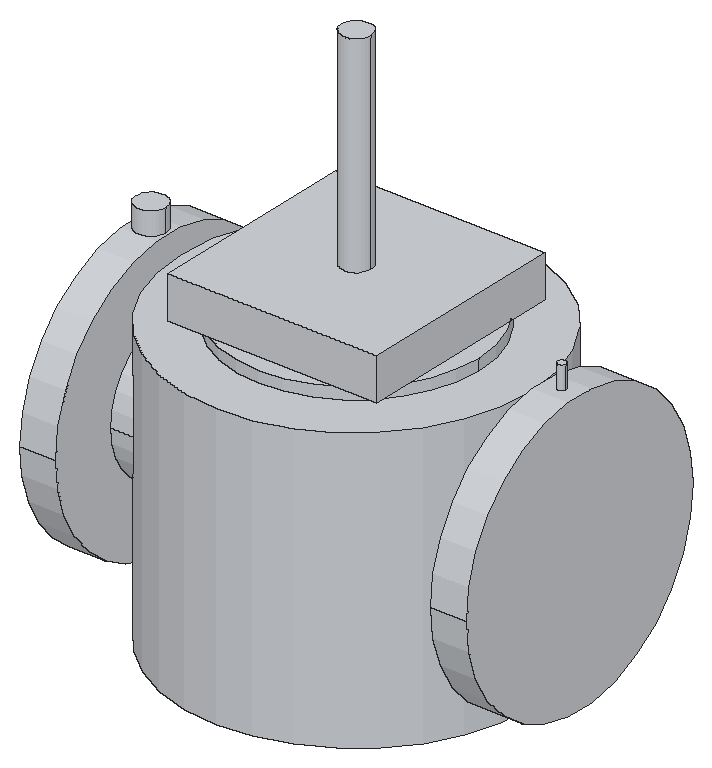
Revit family "OPTIMA_Compact_FLANGE_PN16_DN200-HF_RFA_2018", category Pipe Accessories, Revit 2018
Family settings
  Round Connector Dimension = Use Diameter
  Part Type = Valve - Breaks Into
  Work Plane-Based = No
  Always vertical = Yes
  Cut with Voids When Loaded = No
  Shared = No
Parameters (values of type "Optima Compact Flange PN16 DN200 HF")
  magiProductId = ""
  magiProductFamilyId = ""
  magiPartTypeId = 304
  isMeasuringValve [instance] = no
  ang2D [instance] = 0.00°
  W2D = 100 mm
  VersionID = "2.0/2018.8.28.1/FRESE_OPTIMA_FLANGE_Q13_002"
  Use Minimum Symbol Size [instance] = yes
  URL = "www.hydronic.cz"
  Type Comments = "Přírubový; PN16; 0~110°C, s měřením"
  R4 = 164.5 mm
  R3 = 98.8 mm
  R1 = 235 mm
  QmdConnectorList = "301;D;302;D"
  Productdata [instance] = ""
  Manufacturer = "Hydronic Systems Prague s.r.o."
  MC Product Code = "53-1216 (DN200 HF; 43mm; pohon min 1500N; Qmin-dpmin 130000l/h-31.0kPa; Qmax-dpmin 280000l/h-78.0kPa; dpmax 800kPa)"
  MC Piping Given Pressure Drop [instance] = 0.0 Pa
  LF__ve = -LF  # -48 mm
  LF2 = 24 mm
  LF = 48 mm
  L4 = 282 mm
  L3 = 504 mm
  L2D_Min = 3048 mm
  L2D = 350 mm
  L2 = 300 mm
  H6 = 281 mm
  H4 = 57 mm
  H3 = 15 mm
  H2 = 209 mm
  H1 = 380 mm
  Description = "Tlakově nezávislý 2-cestný regulační vyvažovací ventil (PICV)"
  DF2 = 190 mm
  D = 200 mm
  CAT0 = yes
Types (14, lengths in mm): name | magiProductId | magiProductFamilyId | W2D | Type Comments | R4 | R3 | R1 | MC Product Code | LF__ve | LF2 | LF | L4 | L3 | L2D | L2 | H6 | H4 | H3 | H2 | H1 | DF2 | D
  Optima Compact Flange PN16 DN050 LF | "Frese Optima Flange DN050 LF" | "Frese Optima Flange *" | 50 | "Přírubový; PN16; 0~120°C, s měřením" | 40.3 | 42.9 | 57.5 | "53-1200 (DN50 LF; 20mm; pohon min 1000N; Qmin-dpmin 2500l/h-6.5kPa; Qmax-dpmin 15000l/h-20.0kPa; dpmax 800kPa)" | -18.4 | 9.2 | 18.4 | 108.1 | 193.2 | 230 | 115 | 157.3 | 24.8 | 20.6 | 61.9 | 123.8 | 82.5 | 50
  Optima Compact Flange PN16 DN050 HF | "Frese Optima Flange DN050 HF" | "Frese Optima Flange *" | 50 | "Přírubový; PN16; 0~120°C, s měřením" | 40.25 | 42.9 | 57.5 | "53-1210 (DN50 HF; 20mm; pohon min 1000N; Qmin-dpmin 3900l/h-19.0kPa; Qmax-dpmin 24000l/h-50.0kPa; dpmax 800kPa)" | -18.4 | 9.2 | 18.4 | 108.1 | 193.2 | 230 | 115 | 157.25 | 24.75 | 20.625 | 61.875 | 123.75 | 82.5 | 50
  Optima Compact Flange PN16 DN065 LF | "Frese Optima Flange DN065 LF" | "Frese Optima Flange *" | 50 | "Přírubový; PN16; 0~120°C, s měřením" | 50.75 | 48.1 | 72.5 | "53-1201 (DN65 LF; 20mm; pohon min 1000N; Qmin-dpmin 4400l/h-15.0kPa; Qmax-dpmin 25000l/h-25.0kPa; dpmax 800kPa)" | -23.2 | 11.6 | 23.2 | 136.3 | 243.6 | 230 | 145 | 171.25 | 27.75 | 23.125 | 69.375 | 138.75 | 92.5 | 65
  Optima Compact Flange PN16 DN065 HF | "Frese Optima Flange DN065 HF" | "Frese Optima Flange *" | 50 | "Přírubový; PN16; 0~120°C, s měřením" | 50.75 | 48.1 | 72.5 | "53-1211 (DN65 HF; 20mm; pohon min 1000N; Qmin-dpmin 6000l/h-30.0kPa; Qmax-dpmin 35000l/h-55.0kPa; dpmax 800kPa)" | -23.2 | 11.6 | 23.2 | 136.3 | 243.6 | 230 | 145 | 171.25 | 27.75 | 23.125 | 69.375 | 138.75 | 92.5 | 65
  Optima Compact Flange PN16 DN080 LF | "Frese Optima Flange DN080 LF" | "Frese Optima Flange *" | 50 | "Přírubový; PN16; 0~120°C, s měřením" | 54.25 | 52 | 77.5 | "53-1202 (DN80 LF; 20mm; pohon min 1000N; Qmin-dpmin 5300l/h-16.0kPa; Qmax-dpmin 34000l/h-25.0kPa; dpmax 800kPa)" | -24.8 | 12.4 | 24.8 | 145.7 | 260.4 | 230 | 155 | 183 | 30 | 25 | 75 | 150 | 100 | 80
  Optima Compact Flange PN16 DN080 HF | "Frese Optima Flange DN080 HF" | "Frese Optima Flange *" | 50 | "Přírubový; PN16; 0~120°C, s měřením" | 54.25 | 52 | 77.5 | "53-1212 (DN80 HF; 20mm; pohon min 1000N; Qmin-dpmin 7000l/h-23.0kPa; Qmax-dpmin 43000l/h-50.0kPa; dpmax 800kPa)" | -24.8 | 12.4 | 24.8 | 145.7 | 260.4 | 230 | 155 | 183 | 30 | 25 | 75 | 150 | 100 | 80
  Optima Compact Flange PN16 DN100 LF | "Frese Optima Flange DN100 LF" | "Frese Optima Flange *" | 50 | "Přírubový; PN16; 0~120°C, s měřením" | 61.25 | 61.1 | 87.5 | "53-1203 (DN100 LF; 40mm; pohon min 1000N; Qmin-dpmin 12100l/h-20.0kPa; Qmax-dpmin 68000l/h-35.0kPa; dpmax 800kPa)" | -28 | 14 | 28 | 164.5 | 294 | 230 | 175 | 268.75 | 35.25 | 29.375 | 88.125 | 176.25 | 117.5 | 100
  Optima Compact Flange PN16 DN100 HF | "Frese Optima Flange DN100 HF" | "Frese Optima Flange *" | 50 | "Přírubový; PN16; 0~120°C, s měřením" | 61.25 | 61.1 | 87.5 | "53-1213 (DN100 HF; 40mm; pohon min 1000N; Qmin-dpmin 14800l/h-30.0kPa; Qmax-dpmin 90000l/h-75.0kPa; dpmax 800kPa)" | -28 | 14 | 28 | 164.5 | 294 | 230 | 175 | 268.75 | 35.25 | 29.375 | 88.125 | 176.25 | 117.5 | 100
  Optima Compact Flange PN16 DN125 LF | "Frese Optima Flange DN125 LF" | "Frese Optima Flange *" | 50 | "Přírubový; PN16; 0~120°C, s měřením" | 70 | 70.2 | 100 | "53-1204 (DN125 LF; 40mm; pohon min 1000N; Qmin-dpmin 18500l/h-16.0kPa; Qmax-dpmin 110000l/h-35.0kPa; dpmax 800kPa)" | -32 | 16 | 32 | 188 | 336 | 230 | 200 | 275.5 | 40.5 | 33.75 | 101.25 | 202.5 | 135 | 125
  Optima Compact Flange PN16 DN125 HF | "Frese Optima Flange DN125 HF" | "Frese Optima Flange *" | 50 | "Přírubový; PN16; 0~120°C, s měřením" | 70 | 70.2 | 100 | "53-1214 (DN125 HF; 40mm; pohon min 1000N; Qmin-dpmin 23000l/h-27.0kPa; Qmax-dpmin 135000l/h-53.0kPa; dpmax 800kPa)" | -32 | 16 | 32 | 188 | 336 | 230 | 200 | 275.5 | 40.5 | 33.75 | 101.25 | 202.5 | 135 | 125
  Optima Compact Flange PN16 DN150 LF | "Frese Optima Flange DN150 LF" | "Frese Optima Flange *" | 50 | "Přírubový; PN16; 0~110°C, s měřením" | 84 | 74.1 | 120 | "53-1205 (DN150 LF; 43mm; pohon min 1500N; Qmin-dpmin 25600l/h-21.0kPa; Qmax-dpmin 148000l/h-35.0kPa; dpmax 800kPa)" | -38.4 | 19.2 | 38.4 | 225.6 | 403.2 | 230 | 240 | 279.25 | 42.75 | 35.625 | 106.875 | 213.75 | 142.5 | 150
  Optima Compact Flange PN16 DN150 HF | "Frese Optima Flange DN150 HF" | "Frese Optima Flange *" | 50 | "Přírubový; PN16; 0~110°C, s měřením" | 84 | 74.1 | 120 | "53-1215 (DN150 HF; 43mm; pohon min 1500N; Qmin-dpmin 32000l/h-33.0kPa; Qmax-dpmin 195000l/h-65.0kPa; dpmax 800kPa)" | -38.4 | 19.2 | 38.4 | 225.6 | 403.2 | 230 | 240 | 279.25 | 42.75 | 35.625 | 106.875 | 213.75 | 142.5 | 150
  Optima Compact Flange PN16 DN200 LF | "" | "" | 100 | "Přírubový; PN16; 0~110°C, s měřením" | 164.5 | 98.8 | 235 | "53-1206 (DN200 LF; 43mm; pohon min 1500N; Qmin-dpmin 95000l/h-11.0kPa; Qmax-dpmin 210000l/h-32.0kPa; dpmax 800kPa)" | -48 | 24 | 48 | 282 | 504 | 350 | 300 | 281 | 57 | 15 | 209 | 380 | 190 | 200
  Optima Compact Flange PN16 DN200 HF | "" | "" | 100 | "Přírubový; PN16; 0~110°C, s měřením" | 164.5 | 98.8 | 235 | "53-1216 (DN200 HF; 43mm; pohon min 1500N; Qmin-dpmin 130000l/h-31.0kPa; Qmax-dpmin 280000l/h-78.0kPa; dpmax 800kPa)" | -48 | 24 | 48 | 282 | 504 | 350 | 300 | 281 | 57 | 15 | 209 | 380 | 190 | 200
Reference planes
  plane 1 "Center (Front/Back)": y = 0
  plane 2 "XYPLANE": z = 0
  plane 3 "Center (Left/Right)": x = 0
  plane 4 "157": x = 276
  plane 5 "156": x = -276
  plane 6 "155": z = 190
  plane 7 "154": z = 243
  plane 8 "153": z = 186
  plane 9 "152": z = 171
  plane 10 "151": x = -252
  plane 11 "150": z = -209
  plane 12 "149": x = 0
  plane 13 "148": y = 0
  plane 14 "147": z = 0
  plane 15 "146": x = -300
  plane 16 "145": x = 300
Forms (mm)
  Extrusion 1, solid, visible <- "CAT0"
    sketch origin (-750, 0, 190) x (1, 0, 0) y (0, 1, 0)
      loop
        circle (1026, 0) r 5.5
    from 0 to 30
  Extrusion 2, solid, visible <- "CAT0"
    sketch origin (-750, 0, 190) x (1, 0, 0) y (0, 1, 0)
      loop
        circle (474, 0) r 20.3
    from 0 to 30
  Extrusion 3, solid, visible <- "CAT0"
    sketch origin (-750, 0, 243) x (1, 0, 0) y (0, 1, 0)
      loop
        circle (750, 0) r 20
    from 0 to 281 <- "H6"
  Extrusion 4, solid, visible <- "CAT0"
    sketch origin (-750, 0, 186) x (1, 0, 0) y (0, 1, 0)
      loop
        line (891, 141) -> (609, 141) -> (609, -141) -> (891, -141) -> (891, 141)
    from 0 to 57 <- "H4"
  Extrusion 5, solid, visible <- "CAT0"
    sketch origin (-750, 0, 171) x (1, 0, 0) y (0, 1, 0)
      loop
        circle (750, 0) r 164.5
    from 0 to 15 <- "H3"
  Extrusion 6, solid, visible <- "CAT0"
    sketch origin (-252, -750, 0) x (0, 1, 0) y (0, 0, 1)
      loop
        circle (750, 0) r 98.8
    from 0 to 504 <- "L3"
  Extrusion 7, solid, visible <- "CAT0"
    sketch origin (-750, 0, -209) x (1, 0, 0) y (0, 1, 0)
      loop
        circle (750, 0) r 235
    from 0 to 380 <- "H1"
  Extrusion 8, solid, visible <- "CAT0"
    sketch origin (-300, -750, 0) x (0, 1, 0) y (0, 0, 1)
      loop
        circle (750, 0) r 190
    from 0 to 48 <- "LF"
  Extrusion 9, solid, visible <- "CAT0"
    sketch origin (300, -750, 0) x (0, 1, 0) y (0, 0, 1)
      loop
        circle (750, 0) r 190
    from 0 to -48 <- "LF__ve"
  Extrusion 10, solid, not visible
    sketch origin (-300, -750, 0) x (0, 1, 0) y (0, 0, 1)
      loop
        circle (750, 0) r 10
    from 0 to 10
  Extrusion 11, solid, not visible
    sketch origin (300, -750, 0) x (0, 1, 0) y (0, 0, 1)
      loop
        circle (750, 0) r 10
    from 0 to -10
Lines and regions (mm)
  reference lines, not visible
    curve 1: circle (2, 2, 0) r 1 normal (0, 0, 1)
  reference lines
    curve 2: circle (0, 0, 186) r 1 normal (0, 0, 1)
Dimensions and locks
  plane 1 "Center (Front/Back)" to curve 1 = 2 mm
  "LF2": plane 16 "145" to plane 4 "157"
  "LF2": plane 15 "146" to plane 5 "156"
  "DF2": plane 2 "XYPLANE" to plane 6 "155"
  "H4": plane 8 "153" to plane 7 "154"
  "H3": plane 9 "152" to plane 8 "153"
  "H1": plane 11 "150" to plane 9 "152"
  "LF": plane 15 "146" to plane 10 "151"
  "H2": plane 2 "XYPLANE" to plane 11 "150"
  locked: plane 3 "Center (Left/Right)" to plane 12 "149"
  locked: plane 1 "Center (Front/Back)" to plane 13 "148"
  locked: plane 2 "XYPLANE" to plane 14 "147"
  "L2": plane 3 "Center (Left/Right)" to plane 15 "146"
  "L2": plane 3 "Center (Left/Right)" to plane 16 "145"
  equal spacing: Extrusion 4 sketch curve, curve 2, Extrusion 4 sketch curve  (x2)
  "L4": Extrusion 4 sketch curve to Extrusion 4 sketch curve  (x2)
  Extrusion 4 sketch curve to Extrusion 4 sketch curve = 0 mm  (x8)
  "R4": radius of Extrusion 5 sketch curve
  "R3": radius of Extrusion 6 sketch curve
  "R1": radius of Extrusion 7 sketch curve
  "DF2": radius of Extrusion 8 sketch curve
  "DF2": radius of Extrusion 9 sketch curve
  aligned and locked: level to plane 2 "XYPLANE"
  aligned and locked: plane 4 "157" to Extrusion 1 sketch curve
  aligned and locked: plane 13 "148" to Extrusion 1 sketch curve
  aligned and locked: plane 5 "156" to Extrusion 2 sketch curve
  aligned and locked: plane 13 "148" to Extrusion 2 sketch curve
  aligned and locked: plane 12 "149" to Extrusion 3 sketch curve
  aligned and locked: plane 13 "148" to Extrusion 3 sketch curve
  aligned and locked: plane 12 "149" to curve 2
  aligned and locked: plane 13 "148" to curve 2
  aligned and locked: plane 12 "149" to Extrusion 5 sketch curve
  aligned and locked: plane 13 "148" to Extrusion 5 sketch curve
  aligned and locked: Extrusion 6 sketch curve to plane 13 "148"
  aligned and locked: plane 14 "147" to Extrusion 6 sketch curve
  aligned and locked: plane 12 "149" to Extrusion 7 sketch curve
  aligned and locked: plane 13 "148" to Extrusion 7 sketch curve
  aligned and locked: Extrusion 8 sketch curve to plane 13 "148"
  aligned and locked: plane 14 "147" to Extrusion 8 sketch curve
  aligned and locked: Extrusion 9 sketch curve to plane 13 "148"
  aligned and locked: plane 14 "147" to Extrusion 9 sketch curve
  aligned and locked: Extrusion 10 sketch curve to plane 13 "148"
  aligned and locked: plane 14 "147" to Extrusion 10 sketch curve
  aligned and locked: Extrusion 11 sketch curve to plane 13 "148"
  aligned and locked: plane 14 "147" to Extrusion 11 sketch curve
Automatic sketch dimensions
  Extrusion 1 sketch curve to plane 4 "157" = 5.5 mm
  plane 15 "146" to Extrusion 2 sketch curve = 3.7 mm
  Extrusion 3 sketch curve to plane 3 "Center (Left/Right)" = 20 mm
  plane 1 "Center (Front/Back)" to Extrusion 10 sketch curve = 10 mm
  plane 1 "Center (Front/Back)" to Extrusion 11 sketch curve = 10 mm
  plane 3 "Center (Left/Right)" to curve 1 = 2 mm
  plane 10 "151" to Extrusion 4 sketch curve = 111 mm
  plane 1 "Center (Front/Back)" to Extrusion 4 sketch curve = 141 mm
  radius of curve 2 = 1 mm
  radius of curve 1 = 1 mm
Connectors
  piping at (-300, 0, 0), diameter 200, driven by "D"
    settings: on Extrusion 10, index 1, connector inside diameter 609.6 mm, connector length 0 mm, flow factor 0, pipe flow 0.0 L/s, pressure drop 0.0 Pa, fitting loss kfactor 0, connector angle 0.00°, fixture units 0, engagement length 0 mm, angle of deflection 0.00°, flow configuration 0, flow direction 0, fitting loss method 0, system type 29, joint type 0, gender type 0, connector reference index 2, connector utility 0, adjustable connector no, is connector primary yes, connector description ""
  piping at (300, 0, 0), diameter 200, driven by "D"
    settings: on Extrusion 11, index 2, connector inside diameter 609.6 mm, connector length 0 mm, flow factor 0, pipe flow 0.0 L/s, pressure drop 0.0 Pa, fitting loss kfactor 0, connector angle 0.00°, fixture units 0, engagement length 0 mm, angle of deflection 0.00°, flow configuration 0, flow direction 0, fitting loss method 0, system type 29, joint type 0, gender type 0, connector reference index 1, connector utility 0, adjustable connector no, is connector primary no, connector description ""
